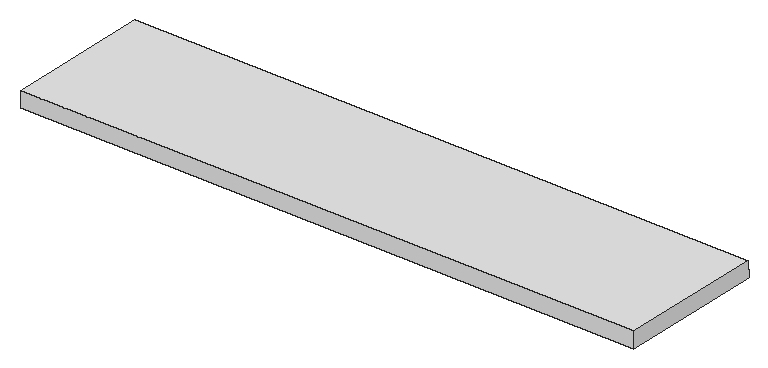
Revit family "11-TRIMBOARD-AND-STEALTH-TRIM-CADS-109-Trimboard-6-4x12-4-REVIT_Versatex-Generic-Model-6-4in-x-12in-TRIMBOARD", category Generic Models, host Face, Revit 2026
Family settings
  Host = Face
  Can host rebar = No
  Round Connector Dimension = Use Diameter
  Part Type = Normal
  Cut with Voids When Loaded = No
  Maintain Annotation Orientation = No
  Shared = No
  Room Calculation Point = No
Parameters
  Model = "TBSM/TR641218"
  Length = 4' - 0"
  Warranty = "https://versatex.com/warranty/"
  URL = "https://versatex.com/"
  Specification = "https://www.arcat.com/company/versatex-45716/spec?coid=45716"
  Sales Information = "https://versatex.com/dealer-locator/"
  Message Manufacturer = "https://versatex.com/contact/"
  Material = Versatex PVC - Smooth
  Manufacturer Website = "https://versatex.com/"
  Manufacturer Phone = "724-857-1111"
  Manufacturer Fax = "724-857-1171"
  Manufacturer Address = "400 Steel Street, Aliquippa, PA 15001"
  Manufacturer = "Versatex"
  Literature = "https://versatex.com/literature/?_sft_literature_category=cads"
  Description = "NOMINAL 6/4” x 12” TRIMBOARD"
  Default Elevation = 4' - 0"
  Copyright = "© 2024 VERSATEX Building Products, LLC"
Reference planes (in)
  plane 1 "Center (Front/Back)": y = 0
  plane 2: z = 0
  plane 3 "Center (Left/Right)": x = 0
  plane 4: x = 24
  plane 5: x = -24
Forms (in)
  Sweep 1, solid, material "Versatex PVC - Smooth" <- "Material"
    path origin (0, 0, 0) x (1, 0, 0) y (0, 1, 0)
      loop
        line (-24, 0) -> (24, 0)
    profile "Versatex_Profile_6-4” x 12” TRIMBOARD : Versatex_Profile_6-4” x 12” TRIMBOARD" origin (0, 0, 0) x (0, 1, 0) y (0, 0, 1)
      loop
        line (0, 0) -> (11.25, 0) -> (11.25, 1.25) -> (0, 1.25) -> (0, 0)
Dimensions and locks (in)
  "Length": plane 5 to plane 4
  equal spacing: plane 5, plane 3 "Center (Left/Right)", plane 4, locked at 24 each
  aligned and locked: plane 2 to host face
  aligned and locked: level to host face
Automatic sketch dimensions
  host sketch curve to host sketch curve = 8' - 0"  (x2)
  plane 1 "Center (Front/Back)" to Sweep 1 sketch curve = 0' - 0"
  Sweep 1 sketch curve to plane 5 = 0' - 0"
  Sweep 1 sketch curve to plane 4 = 0' - 0"
